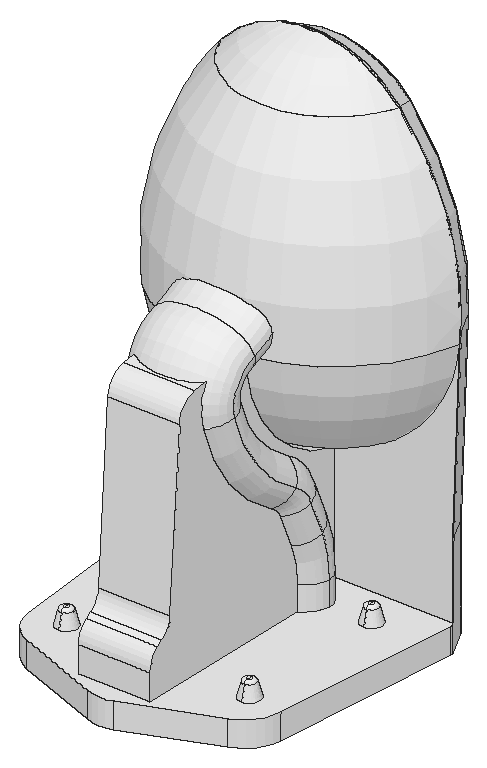
Revit family "Toilet-Elongated-American_Standard-Afwall_Retrofit-2294011EC.020", category Plumbing Fixtures, host Face, Revit 2018
Family settings
  Host = Face
  Round Connector Dimension = Use Radius
  Part Type = Normal
  OmniClass Number = 23.45.05.21.11.11
  OmniClass Title = Water Operated Water Closets
  Cut with Voids When Loaded = No
  Shared = Yes
  Room Calculation Point = No
Parameters (values of type "2294011EC.020")
  Width = 14 3/4"  # constant formula
  Waste Connection Radius = 1 1/16"
  Waste Connection Height = 5 1/4"
  Waste Connection Diameter = Waste Connection Radius * 2  # 2 1/8"
  Waste Connection = yes
  WFU = 5  # constant formula
  Vent Connection = no
  URL = "http://www.americanstandard-us.com/"
  Type Comments = "Elongated bowl only, top spud"
  Seat - American Standard 5905.110 Extra heavy duty open front less cover with EverClean®Surface = no
  Seat - American Standard 5905.100 Extra heavy duty open front less cover = no
  Seat - American Standard 5901.100 Heavy duty open front less cover = no
  Revised Date = "08/10/2022"  # constant formula
  Product Page URL = "https://www.americanstandard-us.com/Commercial-Wall-Hung-Toilets/Afwall-ADA-Retrofit-128---16-gpf-48---60-Lpf-Top-Spud-Elongated-Wall-Hung-EverClean-Bowl/WHITE-2294011EC020"
  Product Documentation Link = "https://americanstandard.box.com/shared/static/8aqisjg2corhcb6d36ad2a8kej8ecggw.pdf"
  Price = "Prices may vary. Please consult Manufacturer Representative for most up-to-date price list."  # constant formula
  Model = "2294011EC.020"
  Material = "Vitreous China-American Standard-020-White"
  Manufacturer = "American Standard"
  Length = 25"  # constant formula
  Installation Type = "Wall Mounted"
  Height = 14 1/2"  # constant formula
  HWFU = 0
  HW Connection = no
  Flushometer Valve- 1.6 gpf- Sensor-Operated- American Standard Selectronic®DC Power 6065.161.002 (Top Spud) = no
  Flushometer Valve- 1.6 gpf- Manual- American Standard 6047.161.002 (Top Spud) = no
  Flushometer Valve- 1.28 gpf- Sensor-Operated- American Standard Selectronic®DC Power 6065.121.002 (Top Spud) = no
  Flushometer Valve- 1.28 gpf- Manual- American Standard 6047.121.002 (Top Spud) = no
  Flush Rate = "1.28 gpf (4.8 Lpf) to 1.6 gpf (6.0 Lpf)"
  Finish = Vitreous China-American Standard-020-White
  Description = "Afwall® ADA Retrofit 1.28 – 1.6 gpf (4.8 – 6.0 Lpf) Top Spud Elongated Wall-Hung EverClean® Bowl"
  Default Elevation = 16 1/8"  # constant formula
  Creation Date = "01/15/2019"  # constant formula
  Compliance Certifications = "ASME A112.19.2-2008/CSA B45.1-08 for Vitreous China Fixtures"
  Cold Water Connection Radius = 1/2"
  Cold Water Connection Height = 26 1/2"
  Cold Water Connection Diameter = Cold Water Connection Radius * 2  # 1"
  Carrier Fitting J.R. Smith 210L or equal = no
  CWFU = 5  # constant formula
  CW Connection = yes
  CEC Compliant = yes
  Bowl Shape = "Elongated"
  Slotted Rim = no
  Assembly Code = "D2010110"
  ADA Compliant = yes
  736046-100 Flushometer valve rough-in adapter kit = yes
  047007-0070A Inlet spud = yes
Types (2): name | Type Comments | Slotted Rim
  2294011EC.020 | "Elongated bowl only, top spud" | no
  2296.019EC.020 | "Elongated bowl only, top spud with slotted rim for bedpan holding" | yes
Reference planes (in)
  plane 1 "Center (Front/Back)": y = 0
  plane 2: z = 0
  plane 3 "Center (Left/Right)": x = 0
  plane 4: z = 0
  plane 5: z = 25
  plane 6: z = 6.5
  plane 7: z = 2.875
  plane 8: x = -7.375
  plane 9: x = 7.375
  plane 10: y = -16.125
  plane 11: y = -10.875
  plane 12: y = -3.375
  plane 13: x = 4.75
  plane 14: y = 10.375
  plane 15: y = -14.5
Forms (in)
  Extrusion 1, solid, material "Vitreous China-American Standard-020-White" <- "Finish", not visible
    sketch origin (4.75, 11.5, 0) x (1, 0, 0) y (0, 1, 0)
      loop
        circle (0, -1.125) r 0.5
    from 0 to 0.03125
  Revolve 2, solid, material "Vitreous China-American Standard-020-White" <- "Finish"
    sketch origin (0, 0, -0.9375) x (1, 0, 0) y (0, 0, -1)
      loop
        arc (5.41053, -13.14493) -> (5.11436, -18.89597) -> (2.27506, -23.90601) r 12.51925
        arc (2.27506, -23.90601) -> (1.24117, -24.63998) -> (0, -24.89906) r 3.10257
        line (0, -24.89906) -> (0, -26.11121)
        arc (0, -26.11121) -> (2.54492, -25.54397) -> (4.60804, -23.94964) r 5.99251
        arc (4.60804, -23.94964) -> (6.9829, -19.5414) -> (7.45938, -14.55688) r 12.63793
        arc (7.45938, -14.55688) -> (5.02015, -9.76429) -> (0, -7.83637) r 7.5
        line (0, -7.83637) -> (0, -8.63293)
        arc (0, -8.63293) -> (3.5225, -9.90895) -> (5.41053, -13.14493) r 5.5
      axis (0, -26.11121) -> (0, -7.83637)
    angle from 0 to 180
  Extrusion 3, void
    sketch origin (0, 0, 0) x (1, 0, 0) y (0, 1, 0)
      loop
        line (-7.86033, 0) -> (-7.86033, -1.5) -> (8.13967, -1.5) -> (8.13967, 0) -> (-7.86033, 0)
    from 5.47222 to 27.53366
  Extrusion 4, solid, material "Vitreous China-American Standard-020-White" <- "Finish"
    sketch origin (0, 0, 0) x (1, 0, 0) y (0, 1, 0)
      loop
        arc (-6.20829, -11.06491) -> (-5.81011, -12.08556) -> (-4.93395, -12.7433) r 2
        line (-4.93395, -12.7433) -> (-0.65355, -14.3864)
        arc (-0.65355, -14.3864) -> (0, -14.50752) -> (0.65355, -14.3864) r 1.82369
        line (0.65355, -14.3864) -> (4.93395, -12.7433)
        arc (4.93395, -12.7433) -> (5.81011, -12.08556) -> (6.20829, -11.06491) r 2
        line (6.20829, -11.06491) -> (7.08945, -1.77044)
        arc (7.08945, -1.77044) -> (7.08375, -1.65936) -> (7.04635, -1.55459) r 0.38281
        line (7.04635, -1.55459) -> (6.32775, -0.20309)
        arc (6.32775, -0.20309) -> (6.18691, -0.05468) -> (5.98974, 0) r 0.38281
        line (5.98974, 0) -> (-5.9889, 0)
        arc (-5.9889, 0) -> (-6.18679, -0.05488) -> (-6.32815, -0.20384) r 0.38423
        line (-6.32815, -0.20384) -> (-7.04635, -1.55459)
        arc (-7.04635, -1.55459) -> (-7.08375, -1.65936) -> (-7.08945, -1.77044) r 0.38281
        line (-7.08945, -1.77044) -> (-6.20829, -11.06491)
    from 0 to 1.25
  Sweep 5, solid, material "Vitreous China-American Standard-020-White" <- "Finish"
    path origin (0, 0, 0) x (1, 0, 0) y (0, 0, 1)
      loop
        line (-7.00819, 1.25) -> (-7.00819, 5.01923)
        arc (-7.00819, 5.01923) -> (-7.09201, 9.52935) -> (-7.34336, 14.03324) r 121.37846
        arc (-7.34336, 14.03324) -> (-6.74922, 18.82473) -> (-4.35533, 23.01766) r 12.29066
        arc (-4.35533, 23.01766) -> (0, 25.00015) -> (4.35533, 23.01766) r 5.77534
        arc (4.35533, 23.01766) -> (6.74922, 18.82473) -> (7.34336, 14.03324) r 12.29066
        arc (7.34336, 14.03324) -> (7.09201, 9.52935) -> (7.00819, 5.01923) r 121.37846
        line (7.00819, 5.01923) -> (7.00819, 1.25)
    profile origin (-7.00819, 0, 3.13462) x (-1, 0, 0) y (0, -1, 0)
      loop
        line (-0.68044, 0.20309) -> (-0.04481, 1.39854)
        arc (-0.04481, 1.39854) -> (-0.02285, 1.44797) -> (-0.00809, 1.5) r 0.38281
        line (-0.00809, 1.5) -> (-1.18962, 1.5) -> (-1.18962, 0) -> (-1.01844, 0)
        arc (-1.01844, 0) -> (-0.82128, 0.05468) -> (-0.68044, 0.20309) r 0.38281
  Extrusion 6, solid, material "Vitreous China-American Standard-020-White" <- "Finish"
    sketch origin (0, 0, 0) x (1, 0, 0) y (0, 0, 1)
      loop
        arc (1.71052, 22.96851) -> (0, 23.57486) -> (-1.71052, 22.96851) r 2.71587
        spline (-1.71052, 22.96851) -> (-2.42925, 22.29549) -> (-3.06738, 21.54512) -> (-3.62862, 20.73359) -> (-4.11511, 19.87643) -> (-4.52594, 18.98078) -> (-4.86003, 18.05357) -> (-5.11613, 17.10175) -> (-5.29304, 16.13223) -> (-5.39003, 15.15148) -> (-5.40659, 14.1658) -> (-5.34264, 13.18263) -> (-5.19845, 12.20743)
        arc (-5.19845, 12.20743) -> (0, 7.90393) -> (5.19845, 12.20743) r 5.2915
        spline (5.19845, 12.20743) -> (5.34264, 13.18263) -> (5.40659, 14.1658) -> (5.39003, 15.15148) -> (5.29304, 16.13223) -> (5.11613, 17.10175) -> (4.86003, 18.05357) -> (4.52594, 18.98078) -> (4.11511, 19.87643) -> (3.62862, 20.73359) -> (3.06738, 21.54512) -> (2.42925, 22.29549) -> (1.71052, 22.96851)
      loop
        arc (5.81857, 5.01923) -> (5.90321, 9.57356) -> (6.15702, 14.12159) r 122.56808
        arc (6.15702, 14.12159) -> (5.62039, 18.44931) -> (3.45821, 22.2364) r 11.10104
        arc (3.45821, 22.2364) -> (0, 23.81053) -> (-3.45821, 22.2364) r 4.58572
        arc (-3.45821, 22.2364) -> (-5.62039, 18.44931) -> (-6.15702, 14.12159) r 11.10104
        arc (-6.15702, 14.12159) -> (-5.90321, 9.57356) -> (-5.81857, 5.01923) r 122.56808
        line (-5.81857, 5.01923) -> (-5.81857, 1.25) -> (5.81857, 1.25) -> (5.81857, 5.01923)
    from 0 to 1.5
  Extrusion 7, solid, material "Vitreous China-American Standard-020-White" <- "Finish"
    sketch origin (6, -0.75, 41.73394) x (0, 0, 1) y (0, 1, 0)
      loop
        line (-34.23394, -1.5) -> (-40.48394, -1.5) -> (-40.48394, -12.80004) -> (-39.21884, -12.80004)
        arc (-39.21884, -12.80004) -> (-38.69313, -12.6714) -> (-38.28622, -12.31455) r 1.13852
        line (-38.28622, -12.31455) -> (-38.10457, -12.05513)
        arc (-38.10457, -12.05513) -> (-37.73225, -11.71694) -> (-37.25061, -11.57198) r 1.13954
        line (-37.25061, -11.57198) -> (-29.09547, -11.00172)
        arc (-29.09547, -11.00172) -> (-28.40038, -10.70667) -> (-28.03429, -10.04622) r 1.1597
        line (-28.03429, -10.04622) -> (-27.49518, -6.98877)
        arc (-27.49518, -6.98877) -> (-31.84079, -5.44294) -> (-34.23394, -1.5) r 6.8811
    from 4.25 to 7.75
  Revolve 8, solid, material "Vitreous China-American Standard-020-White" <- "Finish"
    sketch origin (0, 0, 2.875) x (1, 0, 0) y (0, 1, 0)
      loop
        line (0, 0) -> (0, 1.19532) -> (-0.85643, 1.19532) -> (-0.85643, 0.69532) -> (-1.35643, 0.69532) -> (-1.35643, 0.25) -> (-1.60643, 0.25) -> (-1.60643, 0) -> (0, 0)
      axis (0, 1.19532) -> (0, 0)
    angle from 0 to 360
  Sweep 9, solid, material "Vitreous China-American Standard-020-White" <- "Finish"
    path origin (0, 0.875, 43.32408) x (0, 0, 1) y (0, 1, 0)
      loop
        line (-42.07408, -4.32344) -> (-40.86893, -4.32344)
        arc (-40.86893, -4.32344) -> (-39.72256, -4.43888) -> (-38.62222, -4.78054) r 5.75
        line (-38.62222, -4.78054) -> (-37.00803, -5.46572)
        arc (-37.00803, -5.46572) -> (-36.38408, -5.86258) -> (-35.92248, -6.44029) r 2.25
        arc (-35.92248, -6.44029) -> (-33.92877, -8.77204) -> (-31.18899, -10.15247) r 7.78506
        arc (-31.18899, -10.15247) -> (-29.86829, -9.99112) -> (-29.04277, -8.94766) r 1.75
        arc (-29.04277, -8.94766) -> (-28.70984, -8.11775) -> (-28.21545, -7.37265) r 4.38422
    profile origin (0, -3.44844, 1.85257) x (0, 1, 0) y (-1, 0, 0)
      loop
        spline (0, -2.5) -> (0.38823, -2.41481) -> (0.75, -2.16506) -> (1.06066, -1.76777) -> (1.29904, -1.25) -> (1.44889, -0.64705) -> (1.5, 0) -> (1.44889, 0.64705) -> (1.29904, 1.25) -> (1.06066, 1.76777) -> (0.75, 2.16506) -> (0.38823, 2.41481) -> (0, 2.5)
        spline (0, 2.5) -> (-0.38823, 2.41481) -> (-0.75, 2.16506) -> (-1.06066, 1.76777) -> (-1.29904, 1.25) -> (-1.44889, 0.64705) -> (-1.5, 0) -> (-1.44889, -0.64705) -> (-1.29904, -1.25) -> (-1.06066, -1.76777) -> (-0.75, -2.16506) -> (-0.38823, -2.41481) -> (0, -2.5)
  Revolve 10, solid, material "Vitreous China-American Standard-020-White" <- "Finish"
    sketch origin (-4.5, 0, 0) x (0, 1, 0) y (0, 0, 1)
      loop
        line (-10.875, 1.25) -> (-10.375, 1.25) -> (-10.55993, 1.94016)
        arc (-10.55993, 1.94016) -> (-10.62191, 2.03292) -> (-10.72756, 2.06878) r 0.17354
        line (-10.72756, 2.06878) -> (-10.875, 2.06878) -> (-10.875, 1.25)
      axis (-10.875, 2.06878) -> (-10.875, 1.25)
    angle from 0 to 360
  Revolve 11, solid, material "Vitreous China-American Standard-020-White" <- "Finish"
    sketch origin (4.5, 0, 0) x (0, 1, 0) y (0, 0, -1)
      loop
        line (-10.875, -1.25) -> (-10.875, -2.06878) -> (-10.72756, -2.06878)
        arc (-10.72756, -2.06878) -> (-10.62191, -2.03292) -> (-10.55993, -1.94016) r 0.17354
        line (-10.55993, -1.94016) -> (-10.375, -1.25) -> (-10.875, -1.25)
      axis (-10.875, -2.06878) -> (-10.875, -1.25)
    angle from 0 to 360
  Revolve 12, solid, material "Vitreous China-American Standard-020-White" <- "Finish"
    sketch origin (-4.5, 7.5, 0) x (0, 1, 0) y (0, 0, 1)
      loop
        line (-10.875, 1.25) -> (-10.375, 1.25) -> (-10.55993, 1.94016)
        arc (-10.55993, 1.94016) -> (-10.62191, 2.03292) -> (-10.72756, 2.06878) r 0.17354
        line (-10.72756, 2.06878) -> (-10.875, 2.06878) -> (-10.875, 1.25)
      axis (-10.875, 2.06878) -> (-10.875, 1.25)
    angle from 0 to 360
  Revolve 13, solid, material "Vitreous China-American Standard-020-White" <- "Finish"
    sketch origin (4.5, 7.5, 0) x (0, 1, 0) y (0, 0, -1)
      loop
        line (-10.875, -1.25) -> (-10.875, -2.06878) -> (-10.72756, -2.06878)
        arc (-10.72756, -2.06878) -> (-10.62191, -2.03292) -> (-10.55993, -1.94016) r 0.17354
        line (-10.55993, -1.94016) -> (-10.375, -1.25) -> (-10.875, -1.25)
      axis (-10.875, -2.06878) -> (-10.875, -1.25)
    angle from 0 to 360
  Extrusion 14, solid, material "Vitreous China-American Standard-020-White" <- "Finish", not visible
    sketch origin (0, 0, 0) x (1, 0, 0) y (0, 1, 0)
      loop
        circle (0, -10.875) r 1.0625
    from 0 to 0.0625
  Extrusion 15, solid, material "Vitreous China-American Standard-020-White" <- "Finish", visible <- "Slotted Rim"
    sketch origin (-25.23273, -14.83458, -4.07037) x (1, 0, 0) y (0, 0, -1)
      loop
        arc (20.19567, -15.64469) -> (20.10519, -15.95875) -> (20.03428, -16.2778) r 5.2915
        arc (20.03428, -16.2778) -> (19.85359, -19.39023) -> (20.47805, -22.44472) r 12.04087
        arc (20.47805, -22.44472) -> (20.41695, -21.68118) -> (20.847, -21.04733) r 1.15499
        arc (20.847, -21.04733) -> (20.9478, -20.86327) -> (20.87284, -20.66726) r 0.25
        arc (20.87284, -20.66726) -> (20.37864, -19.53611) -> (20.81462, -18.38126) r 1.63757
        arc (20.81462, -18.38126) -> (20.88118, -18.20498) -> (20.80576, -18.0323) r 0.25
        arc (20.80576, -18.0323) -> (20.16516, -16.92424) -> (20.19567, -15.64469) r 2.36501
      loop
        arc (30.2698, -15.64469) -> (30.3003, -16.92424) -> (29.6597, -18.0323) r 2.36501
        arc (29.6597, -18.0323) -> (29.58428, -18.20498) -> (29.65084, -18.38126) r 0.25
        arc (29.65084, -18.38126) -> (30.08682, -19.53611) -> (29.59262, -20.66726) r 1.63757
        arc (29.59262, -20.66726) -> (29.51767, -20.86327) -> (29.61846, -21.04733) r 0.25
        arc (29.61846, -21.04733) -> (30.04851, -21.68118) -> (29.98741, -22.44472) r 1.15499
        arc (29.98741, -22.44472) -> (30.61187, -19.39023) -> (30.43118, -16.2778) r 12.04087
        arc (30.43118, -16.2778) -> (30.36027, -15.95875) -> (30.2698, -15.64469) r 5.2915
    from 14.52022 to 14.83458
Cuts and joins
  Extrusion 3 cuts Revolve 2
  joined: Extrusion 4, Sweep 5, Extrusion 6, Extrusion 7, Sweep 9, Revolve 10, Revolve 11, Revolve 12, Revolve 13
Lines and regions (in)
  Masking region 1
    outline origin (0, 0, 0) x (1, 0, 0) y (0, 0, 1)
      loop
        line (7.0001, 0) -> (7.0001, 5.01923)
        arc (7.0001, 5.01923) -> (7.08393, 9.52965) -> (7.3353, 14.03385) r 121.38655
        arc (7.3353, 14.03385) -> (6.74154, 18.82218) -> (4.34923, 23.01235) r 12.28258
        arc (4.34923, 23.01235) -> (0, 24.99207) -> (-4.34923, 23.01235) r 5.76726
        arc (-4.34923, 23.01235) -> (-6.74154, 18.82218) -> (-7.3353, 14.03385) r 12.28258
        arc (-7.3353, 14.03385) -> (-7.08393, 9.52965) -> (-7.0001, 5.01923) r 121.38655
        line (-7.0001, 5.01923) -> (-7.0001, 0) -> (7.0001, 0)
  symbolic lines, detail levels medium+fine
    curve 1: line (-5.19845, 0, 12.20743) -> (-1.71052, 0, 22.96851)
    curve 2: line (1.71052, 0, 22.96851) -> (5.19845, 0, 12.20743)
    curve 3: arc (-1.71052, 0, 22.96851) -> (0, 0, 23.57486) -> (1.71052, 0, 22.96851) r 2.71587
    curve 4: arc (5.19845, 0, 12.20743) -> (0, 0, 7.90393) -> (-5.19845, 0, 12.20743) r 5.2915
  symbolic lines, detail levels fine
    curve 5: circle (0, 0, 2.875) r 1.60643 normal (0, -1, 0)
    curve 6: circle (0, 0, 2.875) r 1.35643 normal (0, -1, 0)
    curve 7: circle (0, 0, 2.875) r 0.85643 normal (0, -1, 0)
  symbolic lines, visible <- "Slotted Rim", detail levels fine
    curve 8: arc (4.38573, 0, 16.97696) -> (4.81578, 0, 17.61081) -> (4.75468, 0, 18.37435) r 1.15499
    curve 9: arc (5.03706, 0, 11.57432) -> (5.06757, 0, 12.85387) -> (4.42697, 0, 13.96193) r 2.36501
    curve 10: arc (4.41811, 0, 14.31089) -> (4.85409, 0, 15.46573) -> (4.35989, 0, 16.59689) r 1.63757
    curve 11: arc (4.35989, 0, 16.59689) -> (4.28493, 0, 16.7929) -> (4.38573, 0, 16.97696) r 0.25
    curve 12: arc (4.42697, 0, 13.96193) -> (4.35155, 0, 14.13461) -> (4.41811, 0, 14.31089) r 0.25
    curve 13: arc (-4.75468, 0, 18.37435) -> (-4.81578, 0, 17.61081) -> (-4.38573, 0, 16.97696) r 1.15499
    curve 14: arc (-4.35989, 0, 16.59689) -> (-4.85409, 0, 15.46573) -> (-4.41811, 0, 14.31089) r 1.63757
    curve 15: arc (-4.42697, 0, 13.96193) -> (-5.06757, 0, 12.85387) -> (-5.03706, 0, 11.57432) r 2.36501
    curve 16: arc (-4.38573, 0, 16.97696) -> (-4.28493, 0, 16.7929) -> (-4.35989, 0, 16.59689) r 0.25
    curve 17: arc (-4.41811, 0, 14.31089) -> (-4.35155, 0, 14.13461) -> (-4.42697, 0, 13.96193) r 0.25
Dimensions and locks (in)
  host face to plane 5 = 25"
  plane 6 to plane 5 = 18 1/2"
  host face to plane 7 = 2 7/8"
  equal spacing: Extrusion 7, plane 3 "Center (Left/Right)", Extrusion 7
  plane 3 "Center (Left/Right)" to plane 13 = 4 3/4"
  plane 14 to plane 10 = 26 1/2"
  plane 8 to plane 9 = 14 3/4"
  plane 10 to plane 1 "Center (Front/Back)" = 16 1/8"
  plane 5 to host face = 25"
  plane 7 to host face = 2 7/8"
  plane 1 "Center (Front/Back)" to plane 15 = 14 1/2"
  plane 1 "Center (Front/Back)" to plane 10 = 16 1/8"
  cut or joined group 1 (Extrusion 4, Sweep 5, Extrusion 6, Extrusion 7, Sweep 9, Revolve 10, Revolve 11, Revolve 12, Revolve 13) to host face = 1 1/4"
  aligned and locked: plane 2 to host face
  aligned and locked: level to host face
  aligned and locked: Masking region 1 sketch curve to cut or joined group 1  (x7)
  aligned and locked: cut or joined group 1 to Masking region 1 sketch curve
  aligned and locked: curve 4 to cut or joined group 1
  aligned and locked: curve 8 to Extrusion 15
  aligned and locked: curve 9 to Extrusion 15
  aligned and locked: curve 10 to Extrusion 15
  aligned and locked: curve 11 to Extrusion 15
  aligned and locked: curve 12 to Extrusion 15
  aligned and locked: curve 13 to Extrusion 15
  aligned and locked: curve 14 to Extrusion 15
  aligned and locked: curve 15 to Extrusion 15
  aligned and locked: curve 16 to Extrusion 15
  aligned and locked: curve 17 to Extrusion 15
Automatic sketch dimensions
  host sketch curve to host sketch curve = 96"  (x2)
  Extrusion 1 sketch curve to plane 9 = 2 5/8"
  Extrusion 1 sketch curve to plane 1 "Center (Front/Back)" = 10 3/8"
  plane 1 "Center (Front/Back)" to Extrusion 3 sketch curve = 0"
  plane 8 to Extrusion 3 sketch curve = 0.48533"
  plane 9 to Extrusion 3 sketch curve = 0.76467"
  plane 1 "Center (Front/Back)" to Extrusion 3 sketch curve = 1 1/2"
  level to Extrusion 7 sketch curve = 1 1/4"
  Extrusion 7 sketch curve to plane 7 = 0.3599"
  plane 7 to Extrusion 7 sketch curve = 0.57272"
  Extrusion 7 sketch curve to Extrusion 7 sketch curve = 0.18165"
  Extrusion 7 sketch curve to plane 11 = 1.44698"
  Extrusion 7 sketch curve to Extrusion 7 sketch curve = 0.85397"
  Extrusion 7 sketch curve to Extrusion 7 sketch curve = 0.93346"
  Extrusion 7 sketch curve to plane 6 = 1"
  plane 11 to Extrusion 7 sketch curve = 0.28016"
  Extrusion 7 sketch curve to plane 6 = 6.05757"
  Extrusion 7 sketch curve to plane 11 = 0.87672"
  Extrusion 7 sketch curve to Extrusion 7 sketch curve = 0.0809"
  plane 11 to Extrusion 7 sketch curve = 0.07878"
  plane 1 "Center (Front/Back)" to Extrusion 7 sketch curve = 0.85766"
  Extrusion 7 sketch curve to Extrusion 7 sketch curve = 6.73877"
  Extrusion 7 sketch curve to plane 11 = 1.53652"
  Extrusion 7 sketch curve to Extrusion 7 sketch curve = 0.48315"
  Extrusion 7 sketch curve to Extrusion 7 sketch curve = 0.25942"
  Extrusion 7 sketch curve to Extrusion 7 sketch curve = 3.05745"
  Sweep 9 sketch curve to plane 12 = 0.07344"
  Sweep 9 sketch curve to plane 7 = 0.41985"
  Sweep 9 sketch curve to plane 12 = 0.53054"
  Sweep 9 sketch curve to Sweep 9 sketch curve = 2.2467"
  plane 6 to Sweep 9 sketch curve = 1.0631"
  plane 6 to Sweep 9 sketch curve = 0.18396"
  Sweep 9 sketch curve to plane 6 = 6.09914"
  plane 12 to Sweep 9 sketch curve = 1.60388"
  Sweep 9 sketch curve to Sweep 9 sketch curve = 1.60035"
  plane 11 to Sweep 9 sketch curve = 1.59346"
  Sweep 9 sketch curve to Sweep 9 sketch curve = 5.89642"
  plane 11 to Sweep 9 sketch curve = 3.28488"
  Sweep 9 sketch curve to Sweep 9 sketch curve = 2.75632"
  Sweep 9 sketch curve to plane 12 = 1.21572"
  Sweep 9 sketch curve to Sweep 9 sketch curve = 1.20515"
  Sweep 9 sketch curve to Sweep 9 sketch curve = 0"  (x3)
  Sweep 9 sketch curve to Sweep 9 sketch curve = 0.82732"
  profile plane to Sweep 9 sketch curve = 0"
  Sweep 9 sketch curve to profile plane = 0"
  Sweep 9 sketch curve to profile plane = 2 1/2"
  Revolve 10 sketch curve to plane 11 = 0"  (x2)
  plane 11 to Revolve 10 sketch curve = 0.14744"
  Revolve 10 sketch curve to Revolve 10 sketch curve = 0.16763"
  Revolve 10 sketch curve to Revolve 10 sketch curve = 1/2"
  level to Revolve 10 sketch curve = 1 1/4"
  Revolve 10 sketch curve to Revolve 10 sketch curve = 0.64524"
  Revolve 10 sketch curve to Revolve 10 sketch curve = 0.04492"
  Revolve 10 sketch curve to Revolve 10 sketch curve = 0"
  Revolve 10 sketch curve to Revolve 10 sketch curve = 0.23585"
  Revolve 11 sketch curve to plane 11 = 0"  (x2)
  plane 11 to Revolve 11 sketch curve = 0.14744"
  Revolve 11 sketch curve to Revolve 11 sketch curve = 0.16763"
  Revolve 11 sketch curve to Revolve 11 sketch curve = 1/2"
  Revolve 11 sketch curve to plane 7 = 0.80622"
  Revolve 11 sketch curve to Revolve 11 sketch curve = 0.12863"
  Revolve 11 sketch curve to Revolve 11 sketch curve = 0.69016"
  Revolve 11 sketch curve to Revolve 11 sketch curve = 0.23585"
  Revolve 11 sketch curve to Revolve 11 sketch curve = 0"
  Revolve 12 sketch curve to plane 12 = 0"  (x2)
  plane 12 to Revolve 12 sketch curve = 0.14744"
  Revolve 12 sketch curve to Revolve 12 sketch curve = 0.16763"
  Revolve 12 sketch curve to Revolve 12 sketch curve = 1/2"
  level to Revolve 12 sketch curve = 1 1/4"
  Revolve 12 sketch curve to Revolve 12 sketch curve = 0.64524"
  Revolve 12 sketch curve to Revolve 12 sketch curve = 0.04492"
  Revolve 12 sketch curve to Revolve 12 sketch curve = 0"
  Revolve 12 sketch curve to Revolve 12 sketch curve = 0.23585"
  Revolve 13 sketch curve to plane 12 = 0"  (x2)
  plane 12 to Revolve 13 sketch curve = 0.14744"
  Revolve 13 sketch curve to Revolve 13 sketch curve = 0.16763"
  Revolve 13 sketch curve to Revolve 13 sketch curve = 1/2"
  Revolve 13 sketch curve to plane 7 = 0.80622"
  Revolve 13 sketch curve to Revolve 13 sketch curve = 0.12863"
  Revolve 13 sketch curve to Revolve 13 sketch curve = 0.69016"
  Revolve 13 sketch curve to Revolve 13 sketch curve = 0.23585"
  Revolve 13 sketch curve to Revolve 13 sketch curve = 0"
  Revolve 2 sketch curve to plane 3 "Center (Left/Right)" = 0"  (x3)
  Revolve 2 sketch curve to plane 8 = 2.2649"
  Revolve 2 sketch curve to plane 8 = 0.46993"
  plane 5 to Revolve 2 sketch curve = 0.17371"
  Revolve 2 sketch curve to plane 5 = 1.03844"
  Revolve 2 sketch curve to Revolve 2 sketch curve = 3.10257"
  Revolve 2 sketch curve to Revolve 2 sketch curve = 1.67779"
  Revolve 2 sketch curve to Revolve 2 sketch curve = 4.24834"
  Revolve 2 sketch curve to Revolve 2 sketch curve = 0.47651"
  Revolve 2 sketch curve to Revolve 2 sketch curve = 4.78233"
  Revolve 2 sketch curve to Revolve 2 sketch curve = 1.20344"
  Revolve 2 sketch curve to plane 6 = 1.19543"
  Revolve 2 sketch curve to plane 6 = 0.39887"
  Revolve 2 sketch curve to Revolve 2 sketch curve = 0"  (x2)
  Revolve 2 sketch curve to Revolve 2 sketch curve = 4.63879"
  Revolve 2 sketch curve to Revolve 2 sketch curve = 2 3/4"
  plane 1 "Center (Front/Back)" to Extrusion 4 sketch curve = 0"
  Extrusion 4 sketch curve to plane 3 "Center (Left/Right)" = 0"
  Extrusion 4 sketch curve to plane 3 "Center (Left/Right)" = 0.65355"
  Extrusion 4 sketch curve to plane 11 = 0.00114"
  Extrusion 4 sketch curve to plane 8 = 3.15779"
  Extrusion 4 sketch curve to plane 11 = 1.8683"  (x2)
  Extrusion 4 sketch curve to Extrusion 4 sketch curve = 0.71674"
  plane 1 "Center (Front/Back)" to Extrusion 4 sketch curve = 0.38423"
  Extrusion 4 sketch curve to plane 8 = 1.3861"
  Extrusion 4 sketch curve to plane 11 = 0.18991"  (x2)
  plane 1 "Center (Front/Back)" to Extrusion 4 sketch curve = 0.20384"
  Extrusion 4 sketch curve to plane 8 = 0.66665"
  Extrusion 4 sketch curve to Extrusion 4 sketch curve = 0.338"  (x2)
  Extrusion 4 sketch curve to Extrusion 4 sketch curve = 0.0431"  (x2)
  plane 3 "Center (Left/Right)" to Extrusion 4 sketch curve = 0.65355"
  Extrusion 4 sketch curve to plane 13 = 0.53279"
  plane 13 to Extrusion 4 sketch curve = 0.18395"
  plane 1 "Center (Front/Back)" to Extrusion 4 sketch curve = 49/128"
  plane 13 to Extrusion 4 sketch curve = 1.23974"
  Extrusion 4 sketch curve to plane 9 = 1.16671"
  plane 1 "Center (Front/Back)" to Extrusion 4 sketch curve = 0.20309"
  Extrusion 4 sketch curve to plane 9 = 0.66665"
  Extrusion 4 sketch curve to plane 11 = 3.5114"
  Extrusion 4 sketch curve to plane 11 = 1.80883"
  Extrusion 4 sketch curve to Extrusion 4 sketch curve = 1.5666"
  Extrusion 4 sketch curve to Extrusion 4 sketch curve = 1.56735"
  Extrusion 4 sketch curve to Extrusion 4 sketch curve = 0.03613"  (x2)
  Sweep 5 sketch curve to plane 3 "Center (Left/Right)" = 0"
  Sweep 5 sketch curve to plane 8 = 2.46164"
  Sweep 5 sketch curve to plane 8 = 0.36681"
  plane 6 to Sweep 5 sketch curve = 1.48077"  (x2)
  plane 8 to Sweep 5 sketch curve = 121.01165"
  plane 13 to Sweep 5 sketch curve = 0.16336"
  Sweep 5 sketch curve to plane 9 = 0.36681"
  plane 9 to Sweep 5 sketch curve = 121.01165"
  Sweep 5 sketch curve to plane 6 = 8.44599"
  Sweep 5 sketch curve to Sweep 5 sketch curve = 0.91275"
  Sweep 5 sketch curve to plane 5 = 5.77519"
  Sweep 5 sketch curve to plane 5 = 1.98234"
  Sweep 5 sketch curve to Sweep 5 sketch curve = 0"  (x2)
  level to Sweep 5 sketch curve = 1 1/4"  (x2)
  plane 1 "Center (Front/Back)" to Sweep 5 sketch curve = 0"
  profile plane to Sweep 5 sketch curve = 1.18962"
  Sweep 5 sketch curve to Sweep 5 sketch curve = 0.17117"
  plane 1 "Center (Front/Back)" to Sweep 5 sketch curve = 0.20309"
  Sweep 5 sketch curve to Sweep 5 sketch curve = 0.338"
  profile plane to Sweep 5 sketch curve = 49/128"
  profile plane to Sweep 5 sketch curve = 0.04481"
  profile plane to Sweep 5 sketch curve = 0.00809"
  Sweep 5 sketch curve to Sweep 5 sketch curve = 1.19545"
  Sweep 5 sketch curve to Sweep 5 sketch curve = 1 15/128"
  Extrusion 6 sketch curve to plane 3 "Center (Left/Right)" = 0"  (x3)
  Extrusion 6 sketch curve to plane 3 "Center (Left/Right)" = 1.71052"
  Extrusion 6 sketch curve to plane 8 = 2.46164"
  Extrusion 6 sketch curve to plane 8 = 2.17655"
  Extrusion 6 sketch curve to plane 8 = 1.55643"
  plane 6 to Extrusion 6 sketch curve = 1.48077"  (x2)
  plane 8 to Extrusion 6 sketch curve = 121.01165"
  plane 3 "Center (Left/Right)" to Extrusion 6 sketch curve = 1.71052"
  plane 13 to Extrusion 6 sketch curve = 0.16336"
  plane 13 to Extrusion 6 sketch curve = 0.44845"
  plane 13 to Extrusion 6 sketch curve = 1.06857"
  plane 9 to Extrusion 6 sketch curve = 121.01165"
  level to Extrusion 6 sketch curve = 1 1/4"
  Extrusion 6 sketch curve to plane 6 = 5.70743"
  Extrusion 6 sketch curve to Extrusion 6 sketch curve = 0.988"
  Extrusion 6 sketch curve to Extrusion 6 sketch curve = 2.73857"
  Extrusion 6 sketch curve to Extrusion 6 sketch curve = 0.8244"
  Extrusion 6 sketch curve to plane 5 = 5.77519"
  Extrusion 6 sketch curve to Extrusion 6 sketch curve = 1.63418"
  Extrusion 6 sketch curve to plane 5 = 2.03149"
  Extrusion 6 sketch curve to Extrusion 6 sketch curve = 1.74768"
  Extrusion 6 sketch curve to Extrusion 6 sketch curve = 0"  (x2)
  plane 1 "Center (Front/Back)" to Revolve 8 sketch curve = 0"
  Revolve 8 sketch curve to plane 3 "Center (Left/Right)" = 0"  (x2)
  Revolve 8 sketch curve to plane 3 "Center (Left/Right)" = 0.85643"
  Revolve 8 sketch curve to Revolve 8 sketch curve = 1/2"  (x2)
  Revolve 8 sketch curve to Revolve 8 sketch curve = 1/4"
  Revolve 8 sketch curve to plane 1 "Center (Front/Back)" = 1/4"
  Revolve 8 sketch curve to Revolve 8 sketch curve = 57/128"
  Revolve 8 sketch curve to Revolve 8 sketch curve = 0.44954"
  Revolve 8 sketch curve to Revolve 8 sketch curve = 0.38915"
  Extrusion 14 sketch curve to plane 3 "Center (Left/Right)" = 0"
  Extrusion 14 sketch curve to plane 11 = 0"
  Extrusion 15 sketch curve to Extrusion 15 sketch curve = 0"  (x10)
  Extrusion 15 sketch curve to plane 3 "Center (Left/Right)" = 0"
  Extrusion 15 sketch curve to plane 3 "Center (Left/Right)" = 2.77618"
  Extrusion 15 sketch curve to Extrusion 15 sketch curve = 0.44087"
  Extrusion 15 sketch curve to Extrusion 15 sketch curve = 0.48201"
  Extrusion 15 sketch curve to Extrusion 15 sketch curve = 0.8353"
  Extrusion 15 sketch curve to Extrusion 15 sketch curve = 1.38442"
  Extrusion 15 sketch curve to plane 8 = 0.74432"
  Extrusion 15 sketch curve to plane 13 = 1.97382"
  Extrusion 15 sketch curve to plane 13 = 1.53295"
  Extrusion 15 sketch curve to plane 13 = 1.05094"
  Extrusion 15 sketch curve to plane 13 = 0.21564"
  Extrusion 15 sketch curve to plane 13 = 0.14853"
  Extrusion 15 sketch curve to plane 9 = 0.74432"
  Extrusion 15 sketch curve to plane 5 = 7.09434"  (x2)
  Extrusion 15 sketch curve to Extrusion 15 sketch curve = 1.12972"  (x2)
  Extrusion 15 sketch curve to Extrusion 15 sketch curve = 1.3519"  (x2)
  Extrusion 15 sketch curve to Extrusion 15 sketch curve = 2 41/128"  (x2)
  Extrusion 15 sketch curve to Extrusion 15 sketch curve = 1.28309"  (x2)
  Extrusion 15 sketch curve to Extrusion 15 sketch curve = 2.22861"
  Extrusion 15 sketch curve to Extrusion 15 sketch curve = 1.87259"  (x2)
  Extrusion 15 sketch curve to Extrusion 15 sketch curve = 0.17447"  (x2)
  Extrusion 15 sketch curve to Extrusion 15 sketch curve = 1.05562"
  Extrusion 15 sketch curve to Extrusion 15 sketch curve = 0.16138"
  plane 13 to Extrusion 15 sketch curve = 0.00468"
  plane 13 to Extrusion 15 sketch curve = 0.28706"
  curve 5 to curve 7 = 0"  (x2)
  curve 6 to curve 7 = 0"  (x2)
  curve 5 to plane 3 "Center (Left/Right)" = 0"
  curve 3 to plane 3 "Center (Left/Right)" = 0"
  curve 6 to plane 7 = 0"
  curve 1 to plane 3 "Center (Left/Right)" = 1.71052"
  plane 3 "Center (Left/Right)" to curve 2 = 1.71052"
  curve 3 to plane 5 = 4.14101"
  curve 2 to plane 5 = 2.03149"
  plane 13 to curve 8 = 0.00468"
  curve 4 to curve 9 = 0.06093"
  curve 13 to curve 13 = 1.05562"
  curve 1 to curve 15 = 0.06093"
  radius of Extrusion 1 sketch curve = 1/2"
  radius of Extrusion 14 sketch curve = 1 1/16"
  radius of curve 5 = 1.60643"
  radius of curve 6 = 1.35643"
  radius of curve 7 = 0.85643"
Connectors (in)
  piping at (4.75, 10.375, 0), diameter 1, driven by "Cold Water Connection Radius", driven by "CWFU"
    settings: on Extrusion 1, index 2, connector inside diameter 1", connector length 0", flow factor 0, pipe flow 0 GPM, pressure drop 0.00 psi, fitting loss kfactor 0, connector angle 0.00°, fixture units 5, engagement length 0", angle of deflection 0.00°, flow configuration 3, flow direction 1, fitting loss method 0, system type 20, joint type 0, gender type 0, connector reference index -1, connector utility 0, adjustable connector no, is connector primary yes, connector description "1\" I.P.S. Supply Inlet"
  piping at (0, -10.875, 0), diameter 2.125, driven by "WFU", driven by "Waste Connection Radius"
    settings: on Extrusion 14, index 3, connector inside diameter 24", connector length 0", flow factor 0, pipe flow 0 GPM, pressure drop 0.00 psi, fitting loss kfactor 0, connector angle 0.00°, fixture units 5, engagement length 0", angle of deflection 0.00°, flow configuration 3, flow direction 2, fitting loss method 0, system type 16, joint type 0, gender type 0, connector reference index -1, connector utility 0, adjustable connector yes, is connector primary no, connector description "2-1/8\" Waste Outlet"
